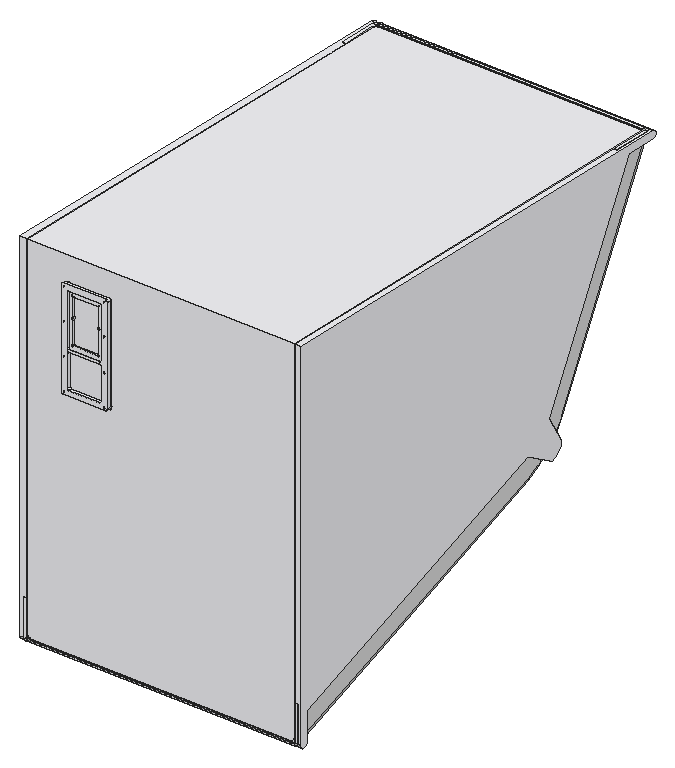
Revit family "EVC-1122-VI", category Communication Devices, Revit 2017 (continued)
Definition of nested family "InputPanel_small"
  Lines and regions (mm)
    model lines, not visible
      curve 412: line (54.658, -9.5, 83.833) -> (54.374, -9.5, 82.844)
      curve 413: line (54.374, -9.5, 82.844) -> (53.682, -9.5, 82.844)
      curve 414: line (53.682, -9.5, 82.844) -> (51.565, -9.5, 82.844)
      curve 415: line (51.565, -9.5, 82.844) -> (51.565, -9.5, 85.997)
      curve 416: line (54.498, -9.5, 70.232) -> (54.66, -9.5, 69.244)
      curve 417: line (54.66, -9.5, 69.244) -> (55.118, -9.5, 68.406)
      curve 418: line (55.118, -9.5, 68.406) -> (55.804, -9.5, 67.846)
      curve 419: line (55.804, -9.5, 67.846) -> (56.614, -9.5, 67.65)
      curve 420: line (56.614, -9.5, 67.65) -> (57.423, -9.5, 67.847)
      curve 421: line (57.423, -9.5, 67.847) -> (58.109, -9.5, 68.406)
      curve 422: line (58.109, -9.5, 68.406) -> (58.568, -9.5, 69.244)
      curve 423: line (58.568, -9.5, 69.244) -> (58.729, -9.5, 70.232)
      curve 424: line (58.729, -9.5, 70.232) -> (58.568, -9.5, 71.22)
      curve 425: line (58.568, -9.5, 71.22) -> (58.109, -9.5, 72.058)
      curve 426: line (58.109, -9.5, 72.058) -> (57.423, -9.5, 72.618)
      curve 427: line (57.423, -9.5, 72.618) -> (56.613, -9.5, 72.814)
      curve 428: line (56.613, -9.5, 72.814) -> (55.804, -9.5, 72.617)
      curve 429: line (55.804, -9.5, 72.617) -> (55.118, -9.5, 72.058)
      curve 430: line (55.118, -9.5, 72.058) -> (54.663, -9.5, 71.227)
      curve 431: line (54.659, -9.5, 71.22) -> (54.376, -9.5, 70.232)
      curve 432: line (54.376, -9.5, 70.232) -> (53.684, -9.5, 70.232)
      curve 433: line (53.684, -9.5, 70.232) -> (51.566, -9.5, 70.231)
      curve 434: line (51.566, -9.5, 70.231) -> (51.567, -9.5, 76.427)
      curve 435: line (57.428, -9.5, 60.773) -> (57.64, -9.5, 60.773)
      curve 436: line (57.64, -9.5, 60.773) -> (57.64, -9.5, 61.116)
      curve 437: line (57.561, -9.5, 61.254) -> (57.428, -9.5, 61.38)
      curve 438: line (57.428, -9.5, 61.38) -> (57.428, -9.5, 60.773)
      curve 439: line (57.428, -9.5, 60.773) -> (55.801, -9.5, 60.772)
      curve 440: line (55.801, -9.5, 60.772) -> (55.801, -9.5, 61.379)
      curve 441: line (55.8, -9.5, 67.687) -> (55.8, -9.5, 66.472)
      curve 442: line (55.8, -9.5, 73.992) -> (55.8, -9.5, 72.777)
      curve 443: line (55.799, -9.5, 80.299) -> (55.799, -9.5, 79.084)
      curve 444: line (57.425, -9.5, 85.998) -> (57.637, -9.5, 85.998)
      curve 445: line (57.637, -9.5, 85.998) -> (57.637, -9.5, 85.632)
      curve 446: line (57.558, -9.5, 85.516) -> (57.425, -9.5, 85.39)
      curve 447: line (57.425, -9.5, 85.39) -> (57.425, -9.5, 85.998)
      curve 448: line (57.425, -9.5, 85.998) -> (55.798, -9.5, 85.998)
      curve 449: line (55.798, -9.5, 85.998) -> (55.798, -9.5, 85.39)
      curve 450: line (57.638, -9.5, 80.036) -> (57.634, -9.5, 79.358)
      curve 451: line (57.559, -9.5, 79.211) -> (57.426, -9.5, 79.085)
      curve 452: line (57.426, -9.5, 79.085) -> (57.426, -9.5, 80.3)
      curve 453: line (57.426, -9.5, 80.3) -> (57.559, -9.5, 80.173)
      curve 454: line (57.427, -9.5, 73.992) -> (57.427, -9.5, 72.777)
      curve 455: line (57.427, -9.5, 72.777) -> (57.56, -9.5, 72.903)
      curve 456: line (57.638, -9.5, 73.019) -> (57.638, -9.5, 73.728)
      curve 457: line (57.56, -9.5, 73.866) -> (57.427, -9.5, 73.992)
      curve 458: line (57.639, -9.5, 67.423) -> (57.636, -9.5, 66.745)
      curve 459: line (57.561, -9.5, 66.598) -> (57.428, -9.5, 66.472)
      curve 460: line (57.428, -9.5, 66.472) -> (57.427, -9.5, 67.687)
      curve 461: line (57.427, -9.5, 67.687) -> (57.561, -9.5, 67.561)
      curve 462: line (52.991, -9.5, 73.096) -> (55.108, -9.5, 73.096)
      curve 463: line (55.108, -9.5, 73.096) -> (55.108, -9.5, 73.673)
      curve 464: line (55.108, -9.5, 73.673) -> (52.991, -9.5, 73.672)
      curve 465: line (52.991, -9.5, 73.672) -> (52.991, -9.5, 73.096)
      curve 466: line (52.99, -9.5, 79.403) -> (52.99, -9.5, 79.98)
      curve 467: line (52.99, -9.5, 79.98) -> (55.107, -9.5, 79.98)
      curve 468: line (55.107, -9.5, 79.98) -> (55.107, -9.5, 79.404)
      curve 469: line (55.107, -9.5, 79.404) -> (52.99, -9.5, 79.403)
      curve 470: line (52.991, -9.5, 66.791) -> (52.991, -9.5, 67.367)
      curve 471: line (52.991, -9.5, 67.367) -> (55.109, -9.5, 67.367)
      curve 472: line (55.109, -9.5, 67.367) -> (55.109, -9.5, 66.791)
      curve 473: line (55.109, -9.5, 66.791) -> (52.991, -9.5, 66.791)
      curve 474: line (55.107, -9.5, 85.998) -> (52.989, -9.5, 85.997)
      curve 475: line (52.989, -9.5, 85.997) -> (52.989, -9.5, 85.709)
      curve 476: line (52.989, -9.5, 85.709) -> (55.107, -9.5, 85.709)
      curve 477: line (55.107, -9.5, 85.709) -> (55.107, -9.5, 85.998)
      curve 478: line (55.107, -9.5, 85.998) -> (55.798, -9.5, 85.998)
      curve 479: line (55.801, -9.5, 60.772) -> (55.11, -9.5, 60.772)
      curve 480: line (55.11, -9.5, 60.772) -> (55.11, -9.5, 61.06)
      curve 481: line (55.11, -9.5, 61.06) -> (52.992, -9.5, 61.06)
      curve 482: line (52.992, -9.5, 61.06) -> (52.992, -9.5, 60.772)
      curve 483: line (52.992, -9.5, 60.772) -> (55.11, -9.5, 60.772)
      curve 484: line (54.504, -9.5, 76.743) -> (56.298, -9.5, 74.554)
      curve 485: line (56.298, -9.5, 74.554) -> (55.807, -9.5, 74.222)
      curve 486: line (54.503, -9.5, 83.049) -> (56.297, -9.5, 80.86)
      curve 487: line (56.297, -9.5, 80.86) -> (55.806, -9.5, 80.528)
      curve 488: line (54.531, -9.5, 76.998) -> (56.131, -9.5, 75.046)
      curve 489: line (56.131, -9.5, 75.046) -> (56.7, -9.5, 75.046)
      curve 490: line (56.7, -9.5, 75.046) -> (54.662, -9.5, 77.533)
      curve 491: line (54.531, -9.5, 83.304) -> (56.13, -9.5, 81.352)
      curve 492: line (56.13, -9.5, 81.352) -> (56.699, -9.5, 81.352)
      curve 493: line (56.699, -9.5, 81.352) -> (54.661, -9.5, 83.839)
      curve 494: line (54.505, -9.5, 70.437) -> (56.298, -9.5, 68.248)
      curve 495: line (56.298, -9.5, 68.248) -> (55.807, -9.5, 67.915)
      curve 496: line (54.506, -9.5, 64.13) -> (56.299, -9.5, 61.942)
      curve 497: line (56.299, -9.5, 61.942) -> (55.808, -9.5, 61.609)
      curve 498: line (54.533, -9.5, 64.385) -> (56.132, -9.5, 62.433)
      curve 499: line (56.132, -9.5, 62.433) -> (56.702, -9.5, 62.433)
      curve 500: line (56.702, -9.5, 62.433) -> (54.664, -9.5, 64.92)
      curve 501: line (54.532, -9.5, 70.691) -> (56.131, -9.5, 68.739)
      curve 502: line (56.131, -9.5, 68.739) -> (56.701, -9.5, 68.739)
      curve 503: line (56.701, -9.5, 68.739) -> (54.663, -9.5, 71.227)
      curve 504: line (51.568, -9.5, 63.815) -> (51.568, -9.5, 60.772)
      curve 505: line (51.568, -9.5, 60.772) -> (46.145, -9.5, 60.771)
      curve 506: line (46.145, -9.5, 60.771) -> (46.141, -9.5, 85.996)
      curve 507: line (46.141, -9.5, 85.996) -> (51.565, -9.5, 85.997)
      curve 508: line (51.565, -9.5, 85.997) -> (52.989, -9.5, 85.997)
      curve 509: line (52.989, -9.5, 85.997) -> (49.876, -9.5, 86.125)
      curve 510: line (49.876, -9.5, 86.125) -> (49.754, -9.5, 86.302)
      curve 511: line (52.992, -9.5, 60.772) -> (51.568, -9.5, 60.772)
      curve 512: line (45.361, -9.5, 79.392) -> (45.362, -9.5, 73.88)
      curve 513: line (45.362, -9.5, 73.88) -> (41.147, -9.5, 73.88)
      curve 514: line (41.147, -9.5, 73.88) -> (41.146, -9.5, 79.392)
      curve 515: line (41.146, -9.5, 79.392) -> (45.361, -9.5, 79.392)
      curve 516: line (41.146, -9.5, 79.988) -> (41.145, -9.5, 85.499)
      curve 517: line (41.145, -9.5, 85.499) -> (45.36, -9.5, 85.5)
      curve 518: line (45.36, -9.5, 85.5) -> (45.361, -9.5, 79.988)
      curve 519: line (45.361, -9.5, 79.988) -> (41.146, -9.5, 79.988)
      curve 520: line (45.819, -9.5, 60.771) -> (45.816, -9.5, 85.996)
      curve 521: line (45.816, -9.5, 85.996) -> (40.689, -9.5, 85.996)
      curve 522: line (40.689, -9.5, 85.996) -> (40.692, -9.5, 60.771)
      curve 523: line (40.692, -9.5, 60.771) -> (45.819, -9.5, 60.771)
      curve 524: line (45.819, -9.5, 60.771) -> (46.145, -9.5, 60.771)
      curve 525: line (45.363, -9.5, 66.78) -> (45.363, -9.5, 61.268)
      curve 526: line (45.363, -9.5, 61.268) -> (41.148, -9.5, 61.267)
      curve 527: line (41.148, -9.5, 61.267) -> (41.147, -9.5, 66.779)
      curve 528: line (41.147, -9.5, 66.779) -> (45.363, -9.5, 66.78)
      curve 529: line (41.147, -9.5, 67.375) -> (41.147, -9.5, 72.887)
      curve 530: line (41.147, -9.5, 72.887) -> (45.362, -9.5, 72.887)
      curve 531: line (45.362, -9.5, 72.887) -> (45.363, -9.5, 67.375)
      curve 532: line (45.363, -9.5, 67.375) -> (41.147, -9.5, 67.375)
      curve 533: line (45.816, -9.5, 85.996) -> (46.141, -9.5, 85.996)
      curve 534: line (46.141, -9.5, 85.996) -> (42.88, -9.5, 86.124)
      curve 535: line (42.88, -9.5, 86.124) -> (42.758, -9.5, 86.301)
      curve 536: line (42.758, -9.5, 86.301) -> (45.891, -9.5, 86.301)
      curve 537: line (45.891, -9.5, 86.301) -> (46.013, -9.5, 86.124)
      curve 538: line (45.361, -9.5, 78.225) -> (43.953, -9.5, 78.225)
      curve 539: line (43.953, -9.5, 78.225) -> (43.627, -9.5, 78.913)
      curve 540: line (43.627, -9.5, 78.913) -> (43.242, -9.5, 79.392)
      curve 541: line (45.363, -9.5, 65.613) -> (43.954, -9.5, 65.612)
      curve 542: line (43.954, -9.5, 65.612) -> (43.629, -9.5, 66.3)
      curve 543: line (43.629, -9.5, 66.3) -> (43.244, -9.5, 66.779)
      curve 544: line (45.362, -9.5, 68.542) -> (43.954, -9.5, 68.542)
      curve 545: line (43.954, -9.5, 68.542) -> (43.629, -9.5, 67.854)
      curve 546: line (43.629, -9.5, 67.854) -> (43.244, -9.5, 67.375)
      curve 547: line (45.361, -9.5, 81.155) -> (43.952, -9.5, 81.155)
      curve 548: line (43.952, -9.5, 81.155) -> (43.627, -9.5, 80.467)
      curve 549: line (43.627, -9.5, 80.467) -> (43.242, -9.5, 79.988)
      curve 550: line (45.362, -9.5, 71.919) -> (43.954, -9.5, 71.919)
      curve 551: line (43.954, -9.5, 71.919) -> (43.628, -9.5, 72.607)
      curve 552: line (43.628, -9.5, 72.607) -> (43.403, -9.5, 72.887)
      curve 553: line (45.361, -9.5, 84.532) -> (43.952, -9.5, 84.531)
      curve 554: line (43.952, -9.5, 84.531) -> (43.627, -9.5, 85.219)
      curve 555: line (43.627, -9.5, 85.219) -> (43.401, -9.5, 85.5)
      curve 556: line (45.362, -9.5, 74.849) -> (43.953, -9.5, 74.848)
      curve 557: line (43.953, -9.5, 74.848) -> (43.628, -9.5, 74.16)
      curve 558: line (43.403, -9.5, 73.88) -> (43.628, -9.5, 74.16)
      curve 559: line (43.628, -9.5, 74.16) -> (43.627, -9.5, 78.913)
      curve 560: line (45.363, -9.5, 62.236) -> (43.955, -9.5, 62.236)
      curve 561: line (43.955, -9.5, 62.236) -> (43.629, -9.5, 61.548)
      curve 562: line (43.629, -9.5, 61.548) -> (43.629, -9.5, 66.3)
      curve 563: line (43.404, -9.5, 61.267) -> (43.629, -9.5, 61.548)
      curve 564: line (43.954, -9.5, 68.542) -> (43.954, -9.5, 71.919)
      curve 565: line (43.952, -9.5, 81.155) -> (43.952, -9.5, 84.531)
      curve 566: line (43.954, -9.5, 65.612) -> (43.955, -9.5, 62.236)
      curve 567: line (43.953, -9.5, 78.225) -> (43.953, -9.5, 74.848)
      curve 568: line (45.891, -9.5, 86.301) -> (45.891, -9.5, 86.563)
      curve 569: line (45.891, -9.5, 86.563) -> (42.758, -9.5, 86.562)
      curve 570: line (42.758, -9.5, 86.562) -> (42.758, -9.5, 86.301)
      curve 571: line (45.891, -9.5, 86.563) -> (46.472, -9.5, 86.563)
      curve 572: line (46.472, -9.5, 86.563) -> (46.472, -9.5, 86.301)
      curve 573: line (46.472, -9.5, 86.301) -> (46.35, -9.5, 86.124)
      curve 574: line (42.244, -9.5, 79.988) -> (42.243, -9.5, 85.499)
      curve 575: line (42.246, -9.5, 67.375) -> (42.245, -9.5, 72.887)
      curve 576: line (42.246, -9.5, 61.267) -> (42.246, -9.5, 66.779)
      curve 577: line (42.245, -9.5, 73.88) -> (42.244, -9.5, 79.392)
      curve 578: line (43.629, -9.5, 67.854) -> (43.628, -9.5, 72.607)
      curve 579: line (43.627, -9.5, 80.467) -> (43.627, -9.5, 85.219)
      curve 580: line (52.887, -9.5, 86.302) -> (53.009, -9.5, 86.125)
      curve 581: line (52.887, -9.5, 86.563) -> (52.887, -9.5, 86.302)
      curve 582: line (52.887, -9.5, 86.302) -> (49.754, -9.5, 86.302)
      curve 583: line (49.754, -9.5, 86.302) -> (49.754, -9.5, 86.563)
      curve 584: line (49.754, -9.5, 86.563) -> (52.887, -9.5, 86.563)
      curve 585: line (52.887, -9.5, 86.563) -> (53.468, -9.5, 86.563)
      curve 586: line (53.468, -9.5, 86.563) -> (53.468, -9.5, 86.302)
      curve 587: line (53.468, -9.5, 86.302) -> (53.346, -9.5, 86.125)
      curve 588: line (78.97, -9.5, 60.972) -> (78.967, -9.5, 85.803)
      curve 589: line (78.912, -9.5, 85.748) -> (78.915, -9.5, 61.027)
      curve 590: line (77.958, -9.5, 86.812) -> (40.515, -9.5, 86.808)
      curve 591: line (40.57, -9.5, 86.753) -> (77.903, -9.5, 86.757)
      curve 592: line (39.506, -9.5, 85.799) -> (39.509, -9.5, 60.968)
      curve 593: line (39.509, -9.5, 60.97) -> (39.561, -9.5, 85.744)
      curve 594: line (40.518, -9.5, 59.959) -> (77.962, -9.5, 59.963)
      curve 595: line (77.907, -9.5, 60.018) -> (40.573, -9.5, 60.014)
      curve 596: line (61.368, -9.5, 70.233) -> (59.749, -9.5, 70.232)
      curve 597: line (59.749, -9.5, 70.232) -> (59.415, -9.5, 70.232)
      curve 598: line (61.369, -9.5, 63.926) -> (59.75, -9.5, 63.926)
      curve 599: line (59.75, -9.5, 63.926) -> (59.417, -9.5, 63.926)
      curve 600: line (61.367, -9.5, 76.539) -> (59.748, -9.5, 76.539)
      curve 601: line (59.748, -9.5, 76.539) -> (59.415, -9.5, 76.539)
      curve 602: line (61.367, -9.5, 82.845) -> (59.747, -9.5, 82.845)
      curve 603: line (59.747, -9.5, 82.845) -> (59.414, -9.5, 82.845)
      curve 604: line (57.109, -9.5, 76.538) -> (58.728, -9.5, 76.539)
      curve 605: line (58.728, -9.5, 76.539) -> (59.062, -9.5, 76.539)
      curve 606: line (57.108, -9.5, 82.845) -> (58.727, -9.5, 82.845)
      curve 607: line (58.727, -9.5, 82.845) -> (59.06, -9.5, 82.845)
      curve 608: line (57.109, -9.5, 70.232) -> (58.729, -9.5, 70.232)
      curve 609: line (58.729, -9.5, 70.232) -> (59.062, -9.5, 70.232)
      curve 610: line (57.11, -9.5, 63.926) -> (58.729, -9.5, 63.926)
      curve 611: line (58.729, -9.5, 63.926) -> (59.063, -9.5, 63.926)
    model lines
      curve 612: arc (-30.696, -4.337, 30.291) -> (-31.037, -4.337, 28.695) -> (-32.139, -4.337, 27.491) r 3.109
      curve 613: arc (-30.695, -4.337, 42.904) -> (-31.035, -4.337, 41.308) -> (-32.138, -4.337, 40.104) r 3.109
      curve 614: arc (-30.698, -4.337, 23.985) -> (-31.033, -4.337, 22.399) -> (-32.121, -4.337, 21.198) r 3.108
      curve 615: arc (-30.696, -4.337, 36.598) -> (-31.031, -4.337, 35.012) -> (-32.119, -4.337, 33.811) r 3.108
      curve 616: arc (-31.992, -4.337, 33.004) -> (-31.001, -4.337, 31.812) -> (-30.695, -4.337, 30.291) r 3.166
      curve 617: arc (-31.991, -4.337, 45.616) -> (-30.999, -4.337, 44.424) -> (-30.693, -4.337, 42.904) r 3.166
      curve 618: arc (-31.993, -4.337, 26.696) -> (-31.002, -4.337, 25.504) -> (-30.696, -4.337, 23.985) r 3.165
      curve 619: arc (-31.991, -4.337, 39.309) -> (-31.001, -4.337, 38.117) -> (-30.695, -4.337, 36.598) r 3.165
      curve 620: arc (-30.343, -4.337, 36.598) -> (-30.002, -4.337, 38.194) -> (-28.9, -4.337, 39.398) r 3.109
      curve 621: arc (-30.344, -4.337, 23.985) -> (-30.004, -4.337, 25.581) -> (-28.901, -4.337, 26.785) r 3.109
      curve 622: arc (-30.341, -4.337, 42.904) -> (-30.006, -4.337, 44.49) -> (-28.918, -4.337, 45.691) r 3.108
      curve 623: arc (-30.343, -4.337, 30.291) -> (-30.007, -4.337, 31.877) -> (-28.92, -4.337, 33.078) r 3.108
      curve 624: arc (-29.046, -4.337, 33.885) -> (-30.038, -4.337, 35.077) -> (-30.344, -4.337, 36.598) r 3.166
      curve 625: arc (-29.048, -4.337, 21.273) -> (-30.039, -4.337, 22.465) -> (-30.346, -4.337, 23.985) r 3.166
      curve 626: arc (-29.046, -4.337, 40.193) -> (-30.037, -4.337, 41.385) -> (-30.343, -4.337, 42.904) r 3.165
      curve 627: arc (-29.048, -4.337, 27.58) -> (-30.038, -4.337, 28.772) -> (-30.344, -4.337, 30.291) r 3.165
      curve 628: arc (-33.959, -4.337, 27.746) -> (-35.033, -4.337, 28.816) -> (-35.384, -4.337, 30.292) r 2.775
      curve 629: arc (-34.651, -4.337, 27.426) -> (-35.725, -4.337, 28.679) -> (-36.075, -4.337, 30.292) r 3.371
      curve 630: arc (-33.959, -4.337, 27.746) -> (-34.28, -4.337, 27.533) -> (-34.651, -4.337, 27.426) r 1.273
      curve 631: arc (-33.957, -4.337, 40.358) -> (-35.031, -4.337, 41.429) -> (-35.382, -4.337, 42.905) r 2.775
      curve 632: arc (-34.649, -4.337, 40.039) -> (-35.723, -4.337, 41.292) -> (-36.074, -4.337, 42.905) r 3.371
      curve 633: arc (-33.957, -4.337, 40.358) -> (-34.279, -4.337, 40.146) -> (-34.649, -4.337, 40.039) r 1.273
      curve 634: arc (-33.96, -4.337, 21.44) -> (-35.033, -4.337, 22.511) -> (-35.384, -4.337, 23.986) r 2.774
      curve 635: arc (-34.651, -4.337, 21.121) -> (-35.725, -4.337, 22.374) -> (-36.075, -4.337, 23.986) r 3.37
      curve 636: arc (-33.96, -4.337, 21.44) -> (-34.281, -4.337, 21.228) -> (-34.651, -4.337, 21.121) r 1.273
      curve 637: arc (-33.958, -4.337, 34.053) -> (-35.032, -4.337, 35.123) -> (-35.382, -4.337, 36.598) r 2.774
      curve 638: arc (-34.65, -4.337, 33.734) -> (-35.723, -4.337, 34.986) -> (-36.074, -4.337, 36.598) r 3.37
      curve 639: arc (-33.958, -4.337, 34.053) -> (-34.28, -4.337, 33.84) -> (-34.65, -4.337, 33.734) r 1.273
      curve 640: arc (-35.384, -4.337, 30.292) -> (-35.033, -4.337, 31.767) -> (-33.958, -4.337, 32.838) r 2.775
      curve 641: arc (-34.65, -4.337, 33.157) -> (-34.28, -4.337, 33.051) -> (-33.958, -4.337, 32.838) r 1.273
      curve 642: arc (-36.075, -4.337, 30.292) -> (-35.724, -4.337, 31.905) -> (-34.65, -4.337, 33.157) r 3.371
      curve 643: arc (-35.382, -4.337, 42.905) -> (-35.031, -4.337, 44.38) -> (-33.957, -4.337, 45.451) r 2.775
      curve 644: arc (-34.648, -4.337, 45.77) -> (-34.278, -4.337, 45.663) -> (-33.957, -4.337, 45.451) r 1.273
      curve 645: arc (-36.074, -4.337, 42.905) -> (-35.723, -4.337, 44.517) -> (-34.648, -4.337, 45.77) r 3.371
      curve 646: arc (-35.384, -4.337, 23.986) -> (-35.033, -4.337, 25.461) -> (-33.959, -4.337, 26.531) r 2.774
      curve 647: arc (-34.651, -4.337, 26.85) -> (-34.28, -4.337, 26.743) -> (-33.959, -4.337, 26.531) r 1.273
      curve 648: arc (-36.075, -4.337, 23.986) -> (-35.725, -4.337, 25.598) -> (-34.651, -4.337, 26.85) r 3.37
      curve 649: arc (-35.382, -4.337, 36.598) -> (-35.031, -4.337, 38.073) -> (-33.958, -4.337, 39.143) r 2.774
      curve 650: arc (-34.649, -4.337, 39.463) -> (-34.279, -4.337, 39.356) -> (-33.958, -4.337, 39.143) r 1.273
      curve 651: arc (-36.074, -4.337, 36.598) -> (-35.723, -4.337, 38.21) -> (-34.649, -4.337, 39.463) r 3.37
      curve 652: arc (-30.908, -4.337, 23.985) -> (-31.259, -4.337, 22.51) -> (-32.333, -4.337, 21.44) r 2.774
      curve 653: arc (-32.332, -4.337, 26.53) -> (-31.258, -4.337, 25.46) -> (-30.908, -4.337, 23.985) r 2.774
      curve 654: arc (-30.906, -4.337, 30.291) -> (-31.258, -4.337, 28.816) -> (-32.332, -4.337, 27.745) r 2.775
      curve 655: arc (-32.331, -4.337, 32.838) -> (-31.257, -4.337, 31.767) -> (-30.906, -4.337, 30.291) r 2.775
      curve 656: arc (-30.906, -4.337, 36.598) -> (-31.257, -4.337, 35.123) -> (-32.331, -4.337, 34.053) r 2.774
      curve 657: arc (-32.33, -4.337, 39.143) -> (-31.257, -4.337, 38.073) -> (-30.906, -4.337, 36.598) r 2.774
      curve 658: arc (-30.905, -4.337, 42.904) -> (-31.256, -4.337, 41.429) -> (-32.33, -4.337, 40.358) r 2.775
      curve 659: arc (-32.33, -4.337, 45.45) -> (-31.256, -4.337, 44.38) -> (-30.905, -4.337, 42.904) r 2.775
      curve 660: arc (-36.768, -4.337, 27.427) -> (-37.818, -4.337, 28.63) -> (-38.191, -4.337, 30.182) r 3.348
      curve 661: arc (-36.766, -4.337, 40.039) -> (-37.816, -4.337, 41.242) -> (-38.19, -4.337, 42.794) r 3.348
      curve 662: arc (-38.191, -4.337, 30.403) -> (-37.817, -4.337, 31.955) -> (-36.767, -4.337, 33.158) r 3.348
      curve 663: arc (-38.19, -4.337, 43.015) -> (-37.816, -4.337, 44.568) -> (-36.766, -4.337, 45.77) r 3.348
      curve 664: arc (-36.769, -4.337, 21.121) -> (-37.825, -4.337, 22.337) -> (-38.192, -4.337, 23.905) r 3.353
      curve 665: arc (-36.767, -4.337, 33.734) -> (-37.823, -4.337, 34.95) -> (-38.191, -4.337, 36.517) r 3.353
      curve 666: arc (-38.192, -4.337, 24.067) -> (-37.824, -4.337, 25.635) -> (-36.768, -4.337, 26.85) r 3.353
      curve 667: arc (-38.191, -4.337, 36.68) -> (-37.823, -4.337, 38.248) -> (-36.767, -4.337, 39.463) r 3.353
      curve 668: arc (-32.649, -4.337, 30.292) -> (-32.982, -4.337, 28.919) -> (-34.009, -4.337, 27.951) r 2.482
      curve 669: arc (-32.65, -4.337, 23.985) -> (-32.983, -4.337, 22.613) -> (-34.01, -4.337, 21.644) r 2.482
      curve 670: arc (-33.058, -4.337, 25.478) -> (-32.751, -4.337, 24.76) -> (-32.65, -4.337, 23.985) r 2.857
      curve 671: arc (-33.734, -4.337, 25.636) -> (-33.68, -4.337, 25.558) -> (-33.628, -4.337, 25.478) r 2.446
      curve 672: arc (-33.058, -4.337, 31.784) -> (-32.75, -4.337, 31.066) -> (-32.649, -4.337, 30.292) r 2.857
      curve 673: arc (-33.733, -4.337, 31.942) -> (-33.679, -4.337, 31.864) -> (-33.627, -4.337, 31.784) r 2.446
      curve 674: arc (-32.649, -4.337, 36.598) -> (-32.981, -4.337, 35.226) -> (-34.008, -4.337, 34.257) r 2.482
      curve 675: arc (-32.648, -4.337, 42.904) -> (-32.98, -4.337, 41.532) -> (-34.008, -4.337, 40.563) r 2.482
      curve 676: arc (-33.057, -4.337, 38.091) -> (-32.75, -4.337, 37.372) -> (-32.649, -4.337, 36.598) r 2.857
      curve 677: arc (-33.733, -4.337, 38.249) -> (-33.678, -4.337, 38.171) -> (-33.626, -4.337, 38.091) r 2.446
      curve 678: arc (-33.056, -4.337, 44.397) -> (-32.749, -4.337, 43.679) -> (-32.648, -4.337, 42.904) r 2.857
      curve 679: arc (-33.732, -4.337, 44.555) -> (-33.677, -4.337, 44.477) -> (-33.626, -4.337, 44.397) r 2.446
      curve 680: arc (-27.08, -4.337, 39.143) -> (-26.006, -4.337, 38.073) -> (-25.655, -4.337, 36.597) r 2.775
      curve 681: arc (-26.388, -4.337, 39.463) -> (-25.314, -4.337, 38.21) -> (-24.964, -4.337, 36.597) r 3.371
      curve 682: arc (-27.08, -4.337, 39.143) -> (-26.759, -4.337, 39.356) -> (-26.388, -4.337, 39.463) r 1.273
      curve 683: arc (-27.082, -4.337, 26.531) -> (-26.007, -4.337, 25.46) -> (-25.657, -4.337, 23.984) r 2.775
      curve 684: arc (-26.39, -4.337, 26.85) -> (-25.316, -4.337, 25.597) -> (-24.965, -4.337, 23.984) r 3.371
      curve 685: arc (-27.082, -4.337, 26.531) -> (-26.76, -4.337, 26.743) -> (-26.39, -4.337, 26.85) r 1.273
      curve 686: arc (-27.079, -4.337, 45.449) -> (-26.006, -4.337, 44.378) -> (-25.655, -4.337, 42.903) r 2.774
      curve 687: arc (-26.388, -4.337, 45.768) -> (-25.314, -4.337, 44.515) -> (-24.963, -4.337, 42.903) r 3.37
      curve 688: arc (-27.079, -4.337, 45.449) -> (-26.758, -4.337, 45.661) -> (-26.388, -4.337, 45.768) r 1.273
      curve 689: arc (-27.081, -4.337, 32.836) -> (-26.007, -4.337, 31.766) -> (-25.657, -4.337, 30.291) r 2.774
      curve 690: arc (-26.389, -4.337, 33.155) -> (-25.315, -4.337, 31.903) -> (-24.965, -4.337, 30.291) r 3.37
      curve 691: arc (-27.081, -4.337, 32.836) -> (-26.759, -4.337, 33.049) -> (-26.389, -4.337, 33.155) r 1.273
      curve 692: arc (-25.655, -4.337, 36.597) -> (-26.006, -4.337, 35.122) -> (-27.081, -4.337, 34.051) r 2.775
      curve 693: arc (-26.389, -4.337, 33.732) -> (-26.759, -4.337, 33.838) -> (-27.081, -4.337, 34.051) r 1.273
      curve 694: arc (-24.964, -4.337, 36.597) -> (-25.315, -4.337, 34.984) -> (-26.389, -4.337, 33.732) r 3.371
      curve 695: arc (-25.657, -4.337, 23.984) -> (-26.008, -4.337, 22.509) -> (-27.082, -4.337, 21.438) r 2.775
      curve 696: arc (-26.391, -4.337, 21.119) -> (-26.761, -4.337, 21.226) -> (-27.082, -4.337, 21.438) r 1.273
      curve 697: arc (-24.965, -4.337, 23.984) -> (-25.316, -4.337, 22.372) -> (-26.391, -4.337, 21.119) r 3.371
      curve 698: arc (-25.655, -4.337, 42.903) -> (-26.006, -4.337, 41.429) -> (-27.08, -4.337, 40.358) r 2.774
      curve 699: arc (-26.388, -4.337, 40.039) -> (-26.759, -4.337, 40.146) -> (-27.08, -4.337, 40.358) r 1.273
      curve 700: arc (-24.963, -4.337, 42.903) -> (-25.314, -4.337, 41.291) -> (-26.388, -4.337, 40.039) r 3.37
      curve 701: arc (-25.657, -4.337, 30.291) -> (-26.008, -4.337, 28.816) -> (-27.081, -4.337, 27.746) r 2.774
      curve 702: arc (-26.39, -4.337, 27.426) -> (-26.76, -4.337, 27.533) -> (-27.081, -4.337, 27.746) r 1.273
      curve 703: arc (-24.965, -4.337, 30.291) -> (-25.316, -4.337, 28.679) -> (-26.39, -4.337, 27.426) r 3.37
      curve 704: arc (-30.131, -4.337, 42.904) -> (-29.78, -4.337, 44.379) -> (-28.706, -4.337, 45.449) r 2.774
      curve 705: arc (-28.707, -4.337, 40.359) -> (-29.78, -4.337, 41.429) -> (-30.131, -4.337, 42.904) r 2.774
      curve 706: arc (-30.133, -4.337, 36.598) -> (-29.781, -4.337, 38.073) -> (-28.707, -4.337, 39.144) r 2.775
      curve 707: arc (-28.708, -4.337, 34.051) -> (-29.782, -4.337, 35.122) -> (-30.133, -4.337, 36.598) r 2.775
      curve 708: arc (-30.133, -4.337, 30.291) -> (-29.782, -4.337, 31.766) -> (-28.708, -4.337, 32.836) r 2.774
      curve 709: arc (-28.708, -4.337, 27.746) -> (-29.782, -4.337, 28.816) -> (-30.133, -4.337, 30.291) r 2.774
      curve 710: arc (-30.134, -4.337, 23.985) -> (-29.783, -4.337, 25.46) -> (-28.709, -4.337, 26.531) r 2.775
      curve 711: arc (-28.709, -4.337, 21.439) -> (-29.783, -4.337, 22.509) -> (-30.134, -4.337, 23.985) r 2.775
      curve 712: arc (-24.271, -4.337, 39.462) -> (-23.221, -4.337, 38.26) -> (-22.848, -4.337, 36.707) r 3.348
      curve 713: arc (-24.272, -4.337, 26.85) -> (-23.223, -4.337, 25.647) -> (-22.849, -4.337, 24.095) r 3.348
      curve 714: arc (-22.848, -4.337, 36.486) -> (-23.222, -4.337, 34.934) -> (-24.272, -4.337, 33.731) r 3.348
      curve 715: arc (-22.849, -4.337, 23.874) -> (-23.223, -4.337, 22.321) -> (-24.273, -4.337, 21.119) r 3.348
      curve 716: arc (-24.27, -4.337, 45.768) -> (-23.214, -4.337, 44.552) -> (-22.847, -4.337, 42.984) r 3.353
      curve 717: arc (-24.272, -4.337, 33.155) -> (-23.216, -4.337, 31.939) -> (-22.848, -4.337, 30.372) r 3.353
      curve 718: arc (-22.847, -4.337, 42.822) -> (-23.215, -4.337, 41.254) -> (-24.271, -4.337, 40.039) r 3.353
      curve 719: arc (-22.848, -4.337, 30.209) -> (-23.216, -4.337, 28.641) -> (-24.272, -4.337, 27.426) r 3.353
      curve 720: arc (-28.389, -4.337, 42.904) -> (-28.056, -4.337, 44.276) -> (-27.029, -4.337, 45.245) r 2.482
      curve 721: arc (-28.39, -4.337, 36.597) -> (-28.057, -4.337, 37.97) -> (-27.03, -4.337, 38.938) r 2.482
      curve 722: arc (-27.981, -4.337, 35.105) -> (-28.288, -4.337, 35.823) -> (-28.39, -4.337, 36.597) r 2.857
      curve 723: arc (-27.306, -4.337, 34.947) -> (-27.36, -4.337, 35.025) -> (-27.412, -4.337, 35.105) r 2.446
      curve 724: arc (-27.981, -4.337, 41.411) -> (-28.288, -4.337, 42.129) -> (-28.389, -4.337, 42.904) r 2.857
      curve 725: arc (-27.305, -4.337, 41.253) -> (-27.359, -4.337, 41.331) -> (-27.411, -4.337, 41.411) r 2.446
      curve 726: arc (-28.39, -4.337, 30.291) -> (-28.058, -4.337, 31.663) -> (-27.031, -4.337, 32.632) r 2.482
      curve 727: arc (-28.391, -4.337, 23.985) -> (-28.058, -4.337, 25.357) -> (-27.031, -4.337, 26.326) r 2.482
      curve 728: arc (-27.983, -4.337, 22.492) -> (-28.29, -4.337, 23.21) -> (-28.391, -4.337, 23.985) r 2.857
      curve 729: arc (-27.307, -4.337, 22.334) -> (-27.362, -4.337, 22.412) -> (-27.413, -4.337, 22.492) r 2.446
      curve 730: arc (-27.982, -4.337, 28.799) -> (-28.289, -4.337, 29.517) -> (-28.39, -4.337, 30.291) r 2.857
      curve 731: arc (-27.306, -4.337, 28.64) -> (-27.361, -4.337, 28.718) -> (-27.412, -4.337, 28.798) r 2.446
      curve 732: spline (-49.243, -4.337, 20.022) -> (-49.374, -4.337, 20.031) -> (-49.504, -4.337, 20.057) -> (-49.629, -4.337, 20.099) -> (-49.747, -4.337, 20.158) -> (-49.857, -4.337, 20.231) -> (-49.956, -4.337, 20.318) -> (-50.043, -4.337, 20.417) -> (-50.116, -4.337, 20.527) -> (-50.175, -4.337, 20.645) -> (-50.217, -4.337, 20.77) -> (-50.243, -4.337, 20.9) -> (-50.251, -4.337, 21.031)
      curve 733: spline (-50.248, -4.337, 45.862) -> (-50.24, -4.337, 45.994) -> (-50.214, -4.337, 46.124) -> (-50.172, -4.337, 46.249) -> (-50.113, -4.337, 46.367) -> (-50.04, -4.337, 46.477) -> (-49.953, -4.337, 46.576) -> (-49.854, -4.337, 46.663) -> (-49.744, -4.337, 46.736) -> (-49.626, -4.337, 46.794) -> (-49.501, -4.337, 46.837) -> (-49.371, -4.337, 46.863) -> (-49.239, -4.337, 46.871)
      curve 734: spline (-11.796, -4.337, 46.867) -> (-11.664, -4.337, 46.858) -> (-11.535, -4.337, 46.832) -> (-11.41, -4.337, 46.79) -> (-11.291, -4.337, 46.731) -> (-11.182, -4.337, 46.658) -> (-11.082, -4.337, 46.571) -> (-10.995, -4.337, 46.472) -> (-10.922, -4.337, 46.362) -> (-10.864, -4.337, 46.244) -> (-10.821, -4.337, 46.119) -> (-10.796, -4.337, 45.989) -> (-10.787, -4.337, 45.858)
      curve 735: spline (-10.79, -4.337, 21.029) -> (-10.798, -4.337, 20.897) -> (-10.824, -4.337, 20.767) -> (-10.866, -4.337, 20.642) -> (-10.925, -4.337, 20.523) -> (-10.998, -4.337, 20.413) -> (-11.085, -4.337, 20.314) -> (-11.184, -4.337, 20.227) -> (-11.294, -4.337, 20.153) -> (-11.412, -4.337, 20.095) -> (-11.538, -4.337, 20.052) -> (-11.667, -4.337, 20.026) -> (-11.799, -4.337, 20.018)
      curve 736: spline (-11.851, -4.337, 46.812) -> (-11.719, -4.337, 46.803) -> (-11.59, -4.337, 46.777) -> (-11.465, -4.337, 46.735) -> (-11.346, -4.337, 46.676) -> (-11.237, -4.337, 46.603) -> (-11.137, -4.337, 46.516) -> (-11.05, -4.337, 46.417) -> (-10.977, -4.337, 46.307) -> (-10.919, -4.337, 46.189) -> (-10.876, -4.337, 46.064) -> (-10.851, -4.337, 45.934) -> (-10.842, -4.337, 45.803)
      curve 737: spline (-10.845, -4.337, 21.082) -> (-10.854, -4.337, 20.95) -> (-10.879, -4.337, 20.82) -> (-10.922, -4.337, 20.696) -> (-10.98, -4.337, 20.577) -> (-11.054, -4.337, 20.467) -> (-11.141, -4.337, 20.368) -> (-11.24, -4.337, 20.281) -> (-11.35, -4.337, 20.208) -> (-11.468, -4.337, 20.15) -> (-11.593, -4.337, 20.107) -> (-11.722, -4.337, 20.081) -> (-11.854, -4.337, 20.073)
      curve 738: spline (-50.193, -4.337, 45.807) -> (-50.185, -4.337, 45.939) -> (-50.159, -4.337, 46.069) -> (-50.117, -4.337, 46.194) -> (-50.058, -4.337, 46.312) -> (-49.985, -4.337, 46.422) -> (-49.898, -4.337, 46.521) -> (-49.799, -4.337, 46.608) -> (-49.689, -4.337, 46.681) -> (-49.571, -4.337, 46.739) -> (-49.446, -4.337, 46.782) -> (-49.316, -4.337, 46.808) -> (-49.184, -4.337, 46.816)
      curve 739: spline (-49.188, -4.337, 20.077) -> (-49.319, -4.337, 20.086) -> (-49.449, -4.337, 20.112) -> (-49.574, -4.337, 20.154) -> (-49.692, -4.337, 20.213) -> (-49.802, -4.337, 20.286) -> (-49.901, -4.337, 20.373) -> (-49.988, -4.337, 20.472) -> (-50.061, -4.337, 20.582) -> (-50.12, -4.337, 20.7) -> (-50.162, -4.337, 20.825) -> (-50.188, -4.337, 20.955) -> (-50.196, -4.337, 21.086)
      curve 740: line (-35.26, -4.337, 30.292) -> (-35.099, -4.337, 31.28)
      curve 741: line (-35.099, -4.337, 31.28) -> (-34.641, -4.337, 32.118)
      curve 742: line (-34.641, -4.337, 32.118) -> (-33.954, -4.337, 32.677)
      curve 743: line (-33.954, -4.337, 32.677) -> (-33.145, -4.337, 32.874)
      curve 744: line (-33.145, -4.337, 32.874) -> (-32.335, -4.337, 32.677)
      curve 745: line (-32.335, -4.337, 32.677) -> (-31.649, -4.337, 32.117)
      curve 746: line (-31.649, -4.337, 32.117) -> (-31.191, -4.337, 31.28)
      curve 747: line (-31.191, -4.337, 31.28) -> (-31.03, -4.337, 30.291)
      curve 748: line (-31.03, -4.337, 30.291) -> (-31.191, -4.337, 29.303)
      curve 749: line (-31.191, -4.337, 29.303) -> (-31.65, -4.337, 28.466)
      curve 750: line (-31.65, -4.337, 28.466) -> (-32.336, -4.337, 27.906)
      curve 751: line (-32.336, -4.337, 27.906) -> (-33.145, -4.337, 27.71)
      curve 752: line (-33.145, -4.337, 27.71) -> (-33.955, -4.337, 27.906)
      curve 753: line (-33.955, -4.337, 27.906) -> (-34.641, -4.337, 28.466)
      curve 754: line (-34.641, -4.337, 28.466) -> (-35.096, -4.337, 29.297)
      curve 755: line (-35.099, -4.337, 29.304) -> (-35.384, -4.337, 30.292)
      curve 756: line (-35.384, -4.337, 30.292) -> (-36.075, -4.337, 30.292)
      curve 757: line (-36.075, -4.337, 30.292) -> (-38.193, -4.337, 30.292)
      curve 758: line (-38.193, -4.337, 30.292) -> (-38.192, -4.337, 24.067)
      curve 759: line (-35.259, -4.337, 42.905) -> (-35.098, -4.337, 43.893)
      curve 760: line (-35.098, -4.337, 43.893) -> (-34.639, -4.337, 44.73)
      curve 761: line (-34.639, -4.337, 44.73) -> (-33.953, -4.337, 45.29)
      curve 762: line (-33.953, -4.337, 45.29) -> (-33.143, -4.337, 45.486)
      curve 763: line (-33.143, -4.337, 45.486) -> (-32.334, -4.337, 45.29)
      curve 764: line (-32.334, -4.337, 45.29) -> (-31.648, -4.337, 44.73)
      curve 765: line (-31.648, -4.337, 44.73) -> (-31.189, -4.337, 43.892)
      curve 766: line (-31.189, -4.337, 43.892) -> (-31.028, -4.337, 42.904)
      curve 767: line (-31.028, -4.337, 42.904) -> (-31.19, -4.337, 41.916)
      curve 768: line (-31.19, -4.337, 41.916) -> (-31.648, -4.337, 41.078)
      curve 769: line (-31.648, -4.337, 41.078) -> (-32.334, -4.337, 40.519)
      curve 770: line (-32.334, -4.337, 40.519) -> (-33.144, -4.337, 40.322)
      curve 771: line (-33.144, -4.337, 40.322) -> (-33.953, -4.337, 40.519)
      curve 772: line (-33.953, -4.337, 40.519) -> (-34.639, -4.337, 41.079)
      curve 773: line (-34.639, -4.337, 41.079) -> (-35.094, -4.337, 41.91)
      curve 774: line (-35.098, -4.337, 41.916) -> (-35.382, -4.337, 42.905)
      curve 775: line (-35.382, -4.337, 42.905) -> (-36.074, -4.337, 42.905)
      curve 776: line (-36.074, -4.337, 42.905) -> (-38.191, -4.337, 42.905)
      curve 777: line (-38.191, -4.337, 42.905) -> (-38.191, -4.337, 36.68)
      curve 778: line (-35.261, -4.337, 23.986) -> (-35.1, -4.337, 24.974)
      curve 779: line (-35.1, -4.337, 24.974) -> (-34.641, -4.337, 25.811)
      curve 780: line (-34.641, -4.337, 25.811) -> (-33.955, -4.337, 26.371)
      curve 781: line (-33.955, -4.337, 26.371) -> (-33.146, -4.337, 26.567)
      curve 782: line (-33.146, -4.337, 26.567) -> (-32.336, -4.337, 26.371)
      curve 783: line (-32.336, -4.337, 26.371) -> (-31.65, -4.337, 25.811)
      curve 784: line (-31.65, -4.337, 25.811) -> (-31.192, -4.337, 24.973)
      curve 785: line (-31.192, -4.337, 24.973) -> (-31.031, -4.337, 23.985)
      curve 786: line (-31.031, -4.337, 23.985) -> (-31.192, -4.337, 22.997)
      curve 787: line (-31.192, -4.337, 22.997) -> (-31.65, -4.337, 22.159)
      curve 788: line (-31.65, -4.337, 22.159) -> (-32.337, -4.337, 21.6)
      curve 789: line (-32.337, -4.337, 21.6) -> (-33.146, -4.337, 21.403)
      curve 790: line (-33.146, -4.337, 21.403) -> (-33.956, -4.337, 21.6)
      curve 791: line (-33.956, -4.337, 21.6) -> (-34.642, -4.337, 22.16)
      curve 792: line (-34.642, -4.337, 22.16) -> (-35.096, -4.337, 22.991)
      curve 793: line (-35.1, -4.337, 22.997) -> (-35.384, -4.337, 23.986)
      curve 794: line (-35.384, -4.337, 23.986) -> (-36.075, -4.337, 23.986)
      curve 795: line (-36.075, -4.337, 23.986) -> (-38.193, -4.337, 23.986)
      curve 796: line (-38.193, -4.337, 23.986) -> (-38.192, -4.337, 20.833)
      curve 797: line (-38.192, -4.337, 20.833) -> (-36.769, -4.337, 20.833)
      curve 798: line (-36.769, -4.337, 20.833) -> (-39.881, -4.337, 20.705)
      curve 799: line (-39.881, -4.337, 20.705) -> (-40.003, -4.337, 20.528)
      curve 800: line (-40.003, -4.337, 20.528) -> (-36.871, -4.337, 20.528)
      curve 801: line (-36.871, -4.337, 20.528) -> (-36.749, -4.337, 20.705)
      curve 802: line (-35.259, -4.337, 36.598) -> (-35.098, -4.337, 37.586)
      curve 803: line (-35.098, -4.337, 37.586) -> (-34.64, -4.337, 38.424)
      curve 804: line (-34.64, -4.337, 38.424) -> (-33.953, -4.337, 38.984)
      curve 805: line (-33.953, -4.337, 38.984) -> (-33.144, -4.337, 39.18)
      curve 806: line (-33.144, -4.337, 39.18) -> (-32.335, -4.337, 38.983)
      curve 807: line (-32.335, -4.337, 38.983) -> (-31.648, -4.337, 38.424)
      curve 808: line (-31.648, -4.337, 38.424) -> (-31.19, -4.337, 37.586)
      curve 809: line (-31.19, -4.337, 37.586) -> (-31.029, -4.337, 36.598)
      curve 810: line (-31.029, -4.337, 36.598) -> (-31.19, -4.337, 35.61)
      curve 811: line (-31.19, -4.337, 35.61) -> (-31.649, -4.337, 34.772)
      curve 812: line (-31.649, -4.337, 34.772) -> (-32.335, -4.337, 34.212)
      curve 813: line (-32.335, -4.337, 34.212) -> (-33.145, -4.337, 34.016)
      curve 814: line (-33.145, -4.337, 34.016) -> (-33.954, -4.337, 34.213)
      curve 815: line (-33.954, -4.337, 34.213) -> (-34.64, -4.337, 34.772)
      curve 816: line (-34.64, -4.337, 34.772) -> (-35.095, -4.337, 35.603)
      curve 817: line (-35.099, -4.337, 35.61) -> (-35.382, -4.337, 36.598)
      curve 818: line (-35.382, -4.337, 36.598) -> (-36.074, -4.337, 36.598)
      curve 819: line (-36.074, -4.337, 36.598) -> (-38.191, -4.337, 36.599)
      curve 820: line (-38.191, -4.337, 36.599) -> (-38.191, -4.337, 30.403)
      curve 821: line (-32.33, -4.337, 46.057) -> (-32.118, -4.337, 46.057)
      curve 822: line (-32.118, -4.337, 46.057) -> (-32.118, -4.337, 45.714)
      curve 823: line (-32.197, -4.337, 45.576) -> (-32.33, -4.337, 45.45)
      curve 824: line (-32.33, -4.337, 45.45) -> (-32.33, -4.337, 46.057)
      curve 825: line (-32.33, -4.337, 46.057) -> (-33.957, -4.337, 46.058)
      curve 826: line (-33.957, -4.337, 46.058) -> (-33.957, -4.337, 45.451)
      curve 827: line (-33.958, -4.337, 39.143) -> (-33.957, -4.337, 40.358)
      curve 828: line (-33.958, -4.337, 32.838) -> (-33.958, -4.337, 34.053)
      curve 829: line (-33.959, -4.337, 26.531) -> (-33.959, -4.337, 27.746)
      curve 830: line (-32.333, -4.337, 20.832) -> (-32.121, -4.337, 20.832)
      curve 831: line (-32.121, -4.337, 20.832) -> (-32.121, -4.337, 21.198)
      curve 832: line (-32.2, -4.337, 21.314) -> (-32.333, -4.337, 21.44)
      curve 833: line (-32.333, -4.337, 21.44) -> (-32.333, -4.337, 20.832)
      curve 834: line (-32.333, -4.337, 20.832) -> (-33.96, -4.337, 20.832)
      curve 835: line (-33.96, -4.337, 20.832) -> (-33.96, -4.337, 21.44)
      curve 836: line (-32.12, -4.337, 26.794) -> (-32.123, -4.337, 27.472)
      curve 837: line (-32.199, -4.337, 27.619) -> (-32.332, -4.337, 27.745)
      curve 838: line (-32.332, -4.337, 27.745) -> (-32.332, -4.337, 26.53)
      curve 839: line (-32.332, -4.337, 26.53) -> (-32.199, -4.337, 26.657)
      curve 840: line (-32.331, -4.337, 32.838) -> (-32.331, -4.337, 34.053)
      curve 841: line (-32.331, -4.337, 34.053) -> (-32.198, -4.337, 33.927)
      curve 842: line (-32.119, -4.337, 33.811) -> (-32.119, -4.337, 33.102)
      curve 843: line (-32.198, -4.337, 32.964) -> (-32.331, -4.337, 32.838)
      curve 844: line (-32.119, -4.337, 39.407) -> (-32.122, -4.337, 40.085)
      curve 845: line (-32.197, -4.337, 40.232) -> (-32.33, -4.337, 40.358)
      curve 846: line (-32.33, -4.337, 40.358) -> (-32.33, -4.337, 39.143)
      curve 847: line (-32.33, -4.337, 39.143) -> (-32.197, -4.337, 39.269)
      curve 848: line (-36.767, -4.337, 33.734) -> (-34.65, -4.337, 33.734)
      curve 849: line (-34.65, -4.337, 33.734) -> (-34.65, -4.337, 33.157)
      curve 850: line (-34.65, -4.337, 33.157) -> (-36.767, -4.337, 33.158)
      curve 851: line (-36.767, -4.337, 33.158) -> (-36.767, -4.337, 33.734)
      curve 852: line (-36.768, -4.337, 27.427) -> (-36.768, -4.337, 26.85)
      curve 853: line (-36.768, -4.337, 26.85) -> (-34.651, -4.337, 26.85)
      curve 854: line (-34.651, -4.337, 26.85) -> (-34.651, -4.337, 27.426)
      curve 855: line (-34.651, -4.337, 27.426) -> (-36.768, -4.337, 27.427)
      curve 856: line (-36.766, -4.337, 40.039) -> (-36.767, -4.337, 39.463)
      curve 857: line (-36.767, -4.337, 39.463) -> (-34.649, -4.337, 39.463)
      curve 858: line (-34.649, -4.337, 39.463) -> (-34.649, -4.337, 40.039)
      curve 859: line (-34.649, -4.337, 40.039) -> (-36.766, -4.337, 40.039)
      curve 860: line (-34.651, -4.337, 20.832) -> (-36.769, -4.337, 20.833)
      curve 861: line (-36.769, -4.337, 20.833) -> (-36.769, -4.337, 21.121)
      curve 862: line (-36.769, -4.337, 21.121) -> (-34.651, -4.337, 21.121)
      curve 863: line (-34.651, -4.337, 21.121) -> (-34.651, -4.337, 20.832)
      curve 864: line (-34.651, -4.337, 20.832) -> (-33.96, -4.337, 20.832)
      curve 865: line (-33.957, -4.337, 46.058) -> (-34.648, -4.337, 46.058)
      curve 866: line (-34.648, -4.337, 46.058) -> (-34.648, -4.337, 45.77)
      curve 867: line (-34.648, -4.337, 45.77) -> (-36.766, -4.337, 45.77)
      curve 868: line (-36.766, -4.337, 45.77) -> (-36.766, -4.337, 46.058)
      curve 869: line (-36.766, -4.337, 46.058) -> (-34.648, -4.337, 46.058)
      curve 870: line (-35.254, -4.337, 23.781) -> (-33.461, -4.337, 25.97)
      curve 871: line (-33.461, -4.337, 25.97) -> (-33.952, -4.337, 26.302)
      curve 872: line (-35.254, -4.337, 30.087) -> (-33.46, -4.337, 32.276)
      curve 873: line (-33.46, -4.337, 32.276) -> (-33.951, -4.337, 32.608)
      curve 874: line (-35.227, -4.337, 23.526) -> (-33.628, -4.337, 25.478)
      curve 875: line (-33.628, -4.337, 25.478) -> (-33.058, -4.337, 25.478)
      curve 876: line (-33.058, -4.337, 25.478) -> (-35.096, -4.337, 22.991)
      curve 877: line (-35.227, -4.337, 29.832) -> (-33.627, -4.337, 31.784)
      curve 878: line (-33.627, -4.337, 31.784) -> (-33.058, -4.337, 31.784)
      curve 879: line (-33.058, -4.337, 31.784) -> (-35.096, -4.337, 29.297)
      curve 880: line (-35.226, -4.337, 36.139) -> (-33.626, -4.337, 38.091)
      curve 881: line (-33.626, -4.337, 38.091) -> (-33.057, -4.337, 38.091)
      curve 882: line (-33.057, -4.337, 38.091) -> (-35.095, -4.337, 35.603)
      curve 883: line (-35.253, -4.337, 36.393) -> (-33.459, -4.337, 38.582)
      curve 884: line (-33.459, -4.337, 38.582) -> (-33.95, -4.337, 38.915)
      curve 885: line (-35.252, -4.337, 42.7) -> (-33.459, -4.337, 44.888)
      curve 886: line (-33.459, -4.337, 44.888) -> (-33.95, -4.337, 45.221)
      curve 887: line (-35.225, -4.337, 42.445) -> (-33.626, -4.337, 44.397)
      curve 888: line (-33.626, -4.337, 44.397) -> (-33.056, -4.337, 44.397)
      curve 889: line (-33.056, -4.337, 44.397) -> (-35.094, -4.337, 41.91)
      curve 890: line (-38.19, -4.337, 43.015) -> (-38.189, -4.337, 46.058)
      curve 891: line (-38.189, -4.337, 46.058) -> (-43.613, -4.337, 46.059)
      curve 892: line (-43.613, -4.337, 46.059) -> (-43.616, -4.337, 20.834)
      curve 893: line (-43.616, -4.337, 20.834) -> (-38.192, -4.337, 20.833)
      curve 894: line (-36.766, -4.337, 46.058) -> (-38.189, -4.337, 46.058)
      curve 895: line (-43.613, -4.337, 46.059) -> (-43.939, -4.337, 46.059)
      curve 896: line (-43.939, -4.337, 46.059) -> (-43.942, -4.337, 20.834)
      curve 897: line (-43.942, -4.337, 20.834) -> (-43.616, -4.337, 20.834)
      curve 898: line (-43.616, -4.337, 20.834) -> (-43.745, -4.337, 20.706)
      curve 899: line (-43.745, -4.337, 20.706) -> (-43.867, -4.337, 20.529)
      curve 900: line (-44.397, -4.337, 27.438) -> (-44.396, -4.337, 32.95)
      curve 901: line (-44.396, -4.337, 32.95) -> (-48.611, -4.337, 32.95)
      curve 902: line (-48.611, -4.337, 32.95) -> (-48.612, -4.337, 27.438)
      curve 903: line (-48.612, -4.337, 27.438) -> (-44.397, -4.337, 27.438)
      curve 904: line (-48.612, -4.337, 26.842) -> (-48.613, -4.337, 21.331)
      curve 905: line (-48.613, -4.337, 21.331) -> (-44.397, -4.337, 21.33)
      curve 906: line (-44.397, -4.337, 21.33) -> (-44.397, -4.337, 26.842)
      curve 907: line (-44.397, -4.337, 26.842) -> (-48.612, -4.337, 26.842)
      curve 908: line (-43.942, -4.337, 20.834) -> (-49.068, -4.337, 20.834)
      curve 909: line (-49.068, -4.337, 20.834) -> (-49.065, -4.337, 46.059)
      curve 910: line (-49.065, -4.337, 46.059) -> (-43.939, -4.337, 46.059)
      curve 911: line (-44.395, -4.337, 40.05) -> (-44.395, -4.337, 45.562)
      curve 912: line (-44.395, -4.337, 45.562) -> (-48.61, -4.337, 45.563)
      curve 913: line (-48.61, -4.337, 45.563) -> (-48.61, -4.337, 40.051)
      curve 914: line (-48.61, -4.337, 40.051) -> (-44.395, -4.337, 40.05)
      curve 915: line (-48.611, -4.337, 39.455) -> (-48.611, -4.337, 33.943)
      curve 916: line (-48.611, -4.337, 33.943) -> (-44.396, -4.337, 33.943)
      curve 917: line (-44.396, -4.337, 33.943) -> (-44.395, -4.337, 39.455)
      curve 918: line (-44.395, -4.337, 39.455) -> (-48.611, -4.337, 39.455)
      curve 919: line (-44.395, -4.337, 41.217) -> (-45.804, -4.337, 41.218)
      curve 920: line (-45.804, -4.337, 41.218) -> (-46.129, -4.337, 40.53)
      curve 921: line (-46.129, -4.337, 40.53) -> (-46.514, -4.337, 40.051)
      curve 922: line (-44.397, -4.337, 28.605) -> (-45.805, -4.337, 28.605)
      curve 923: line (-45.805, -4.337, 28.605) -> (-46.131, -4.337, 27.917)
      curve 924: line (-46.131, -4.337, 27.917) -> (-46.516, -4.337, 27.438)
      curve 925: line (-44.395, -4.337, 38.288) -> (-45.804, -4.337, 38.288)
      curve 926: line (-45.804, -4.337, 38.288) -> (-46.129, -4.337, 38.976)
      curve 927: line (-46.129, -4.337, 38.976) -> (-46.514, -4.337, 39.455)
      curve 928: line (-44.397, -4.337, 25.675) -> (-45.805, -4.337, 25.675)
      curve 929: line (-45.805, -4.337, 25.675) -> (-46.131, -4.337, 26.363)
      curve 930: line (-46.131, -4.337, 26.363) -> (-46.516, -4.337, 26.842)
      curve 931: line (-44.397, -4.337, 22.298) -> (-45.806, -4.337, 22.299)
      curve 932: line (-45.806, -4.337, 22.299) -> (-46.131, -4.337, 21.611)
      curve 933: line (-46.131, -4.337, 21.611) -> (-46.357, -4.337, 21.33)
      curve 934: line (-44.396, -4.337, 34.911) -> (-45.804, -4.337, 34.911)
      curve 935: line (-45.804, -4.337, 34.911) -> (-46.13, -4.337, 34.223)
      curve 936: line (-46.13, -4.337, 34.223) -> (-46.355, -4.337, 33.943)
      curve 937: line (-44.396, -4.337, 31.981) -> (-45.805, -4.337, 31.982)
      curve 938: line (-45.805, -4.337, 31.982) -> (-46.13, -4.337, 32.67)
      curve 939: line (-46.355, -4.337, 32.95) -> (-46.13, -4.337, 32.67)
      curve 940: line (-46.13, -4.337, 32.67) -> (-46.131, -4.337, 27.917)
      curve 941: line (-44.395, -4.337, 44.594) -> (-45.803, -4.337, 44.594)
      curve 942: line (-45.803, -4.337, 44.594) -> (-46.128, -4.337, 45.282)
      curve 943: line (-46.128, -4.337, 45.282) -> (-46.129, -4.337, 40.53)
      curve 944: line (-46.354, -4.337, 45.563) -> (-46.128, -4.337, 45.282)
      curve 945: line (-45.805, -4.337, 25.675) -> (-45.806, -4.337, 22.299)
      curve 946: line (-45.804, -4.337, 38.288) -> (-45.804, -4.337, 34.911)
      curve 947: line (-45.805, -4.337, 28.605) -> (-45.805, -4.337, 31.982)
      curve 948: line (-45.804, -4.337, 41.218) -> (-45.803, -4.337, 44.594)
      curve 949: line (-43.867, -4.337, 20.267) -> (-47, -4.337, 20.268)
      curve 950: line (-47, -4.337, 20.268) -> (-47, -4.337, 20.529)
      curve 951: line (-47, -4.337, 20.529) -> (-43.867, -4.337, 20.529)
      curve 952: line (-43.867, -4.337, 20.529) -> (-43.867, -4.337, 20.267)
      curve 953: line (-43.867, -4.337, 20.267) -> (-43.286, -4.337, 20.267)
      curve 954: line (-43.286, -4.337, 20.267) -> (-43.286, -4.337, 20.529)
      curve 955: line (-43.286, -4.337, 20.529) -> (-43.408, -4.337, 20.833)
      curve 956: line (-43.745, -4.337, 20.706) -> (-46.878, -4.337, 20.706)
      curve 957: line (-46.878, -4.337, 20.706) -> (-47, -4.337, 20.529)
      curve 958: line (-47.514, -4.337, 26.842) -> (-47.514, -4.337, 21.331)
      curve 959: line (-47.512, -4.337, 39.455) -> (-47.513, -4.337, 33.943)
      curve 960: line (-47.513, -4.337, 32.95) -> (-47.514, -4.337, 27.438)
      curve 961: line (-47.512, -4.337, 45.563) -> (-47.512, -4.337, 40.051)
      curve 962: line (-46.131, -4.337, 26.363) -> (-46.131, -4.337, 21.611)
      curve 963: line (-46.129, -4.337, 38.976) -> (-46.13, -4.337, 34.223)
      curve 964: line (-36.871, -4.337, 20.528) -> (-36.871, -4.337, 20.267)
      curve 965: line (-36.871, -4.337, 20.267) -> (-36.29, -4.337, 20.267)
      curve 966: line (-36.29, -4.337, 20.267) -> (-36.29, -4.337, 20.528)
      curve 967: line (-36.29, -4.337, 20.528) -> (-36.412, -4.337, 20.705)
      curve 968: line (-36.871, -4.337, 20.267) -> (-40.004, -4.337, 20.267)
      curve 969: line (-40.004, -4.337, 20.267) -> (-40.003, -4.337, 20.528)
      curve 970: line (-25.779, -4.337, 36.597) -> (-25.94, -4.337, 35.609)
      curve 971: line (-25.94, -4.337, 35.609) -> (-26.398, -4.337, 34.771)
      curve 972: line (-26.398, -4.337, 34.771) -> (-27.085, -4.337, 34.212)
      curve 973: line (-27.085, -4.337, 34.212) -> (-27.894, -4.337, 34.015)
      curve 974: line (-27.894, -4.337, 34.015) -> (-28.704, -4.337, 34.212)
      curve 975: line (-28.704, -4.337, 34.212) -> (-29.39, -4.337, 34.772)
      curve 976: line (-29.39, -4.337, 34.772) -> (-29.848, -4.337, 35.609)
      curve 977: line (-29.848, -4.337, 35.609) -> (-30.009, -4.337, 36.598)
      curve 978: line (-30.009, -4.337, 36.598) -> (-29.848, -4.337, 37.586)
      curve 979: line (-29.848, -4.337, 37.586) -> (-29.389, -4.337, 38.423)
      curve 980: line (-29.389, -4.337, 38.423) -> (-28.703, -4.337, 38.983)
      curve 981: line (-28.703, -4.337, 38.983) -> (-27.894, -4.337, 39.179)
      curve 982: line (-27.894, -4.337, 39.179) -> (-27.084, -4.337, 38.983)
      curve 983: line (-27.084, -4.337, 38.983) -> (-26.398, -4.337, 38.423)
      curve 984: line (-26.398, -4.337, 38.423) -> (-25.943, -4.337, 37.592)
      curve 985: line (-25.94, -4.337, 37.585) -> (-25.655, -4.337, 36.597)
      curve 986: line (-25.655, -4.337, 36.597) -> (-24.964, -4.337, 36.597)
      curve 987: line (-24.964, -4.337, 36.597) -> (-22.846, -4.337, 36.597)
      curve 988: line (-22.846, -4.337, 36.597) -> (-22.847, -4.337, 42.822)
      curve 989: line (-25.78, -4.337, 23.984) -> (-25.941, -4.337, 22.996)
      curve 990: line (-25.941, -4.337, 22.996) -> (-26.4, -4.337, 22.159)
      curve 991: line (-26.4, -4.337, 22.159) -> (-27.086, -4.337, 21.599)
      curve 992: line (-27.086, -4.337, 21.599) -> (-27.896, -4.337, 21.403)
      curve 993: line (-27.896, -4.337, 21.403) -> (-28.705, -4.337, 21.599)
      curve 994: line (-28.705, -4.337, 21.599) -> (-29.391, -4.337, 22.159)
      curve 995: line (-29.391, -4.337, 22.159) -> (-29.85, -4.337, 22.997)
      curve 996: line (-29.85, -4.337, 22.997) -> (-30.011, -4.337, 23.985)
      curve 997: line (-30.011, -4.337, 23.985) -> (-29.849, -4.337, 24.973)
      curve 998: line (-29.849, -4.337, 24.973) -> (-29.391, -4.337, 25.811)
      curve 999: line (-29.391, -4.337, 25.811) -> (-28.705, -4.337, 26.37)
      curve 1000: line (-28.705, -4.337, 26.37) -> (-27.895, -4.337, 26.567)
      curve 1001: line (-27.895, -4.337, 26.567) -> (-27.086, -4.337, 26.37)
      curve 1002: line (-27.086, -4.337, 26.37) -> (-26.4, -4.337, 25.81)
      curve 1003: line (-26.4, -4.337, 25.81) -> (-25.945, -4.337, 24.979)
      curve 1004: line (-25.941, -4.337, 24.973) -> (-25.657, -4.337, 23.984)
      curve 1005: line (-25.657, -4.337, 23.984) -> (-24.965, -4.337, 23.984)
      curve 1006: line (-24.965, -4.337, 23.984) -> (-22.847, -4.337, 23.984)
      curve 1007: line (-22.847, -4.337, 23.984) -> (-22.848, -4.337, 30.209)
      curve 1008: line (-25.778, -4.337, 42.903) -> (-25.939, -4.337, 41.915)
      curve 1009: line (-25.939, -4.337, 41.915) -> (-26.398, -4.337, 41.078)
      curve 1010: line (-26.398, -4.337, 41.078) -> (-27.084, -4.337, 40.518)
      curve 1011: line (-27.084, -4.337, 40.518) -> (-27.893, -4.337, 40.322)
      curve 1012: line (-27.893, -4.337, 40.322) -> (-28.703, -4.337, 40.518)
      curve 1013: line (-28.703, -4.337, 40.518) -> (-29.389, -4.337, 41.078)
      curve 1014: line (-29.389, -4.337, 41.078) -> (-29.847, -4.337, 41.916)
      curve 1015: line (-29.847, -4.337, 41.916) -> (-30.008, -4.337, 42.904)
      curve 1016: line (-30.008, -4.337, 42.904) -> (-29.847, -4.337, 43.892)
      curve 1017: line (-29.847, -4.337, 43.892) -> (-29.388, -4.337, 44.73)
      curve 1018: line (-29.388, -4.337, 44.73) -> (-28.702, -4.337, 45.289)
      curve 1019: line (-28.702, -4.337, 45.289) -> (-27.893, -4.337, 45.486)
      curve 1020: line (-27.893, -4.337, 45.486) -> (-27.083, -4.337, 45.289)
      curve 1021: line (-27.083, -4.337, 45.289) -> (-26.397, -4.337, 44.729)
      curve 1022: line (-26.397, -4.337, 44.729) -> (-25.943, -4.337, 43.898)
      curve 1023: line (-25.939, -4.337, 43.892) -> (-25.655, -4.337, 42.903)
      curve 1024: line (-25.655, -4.337, 42.903) -> (-24.963, -4.337, 42.903)
      curve 1025: line (-24.963, -4.337, 42.903) -> (-22.846, -4.337, 42.903)
      curve 1026: line (-22.846, -4.337, 42.903) -> (-22.846, -4.337, 46.056)
      curve 1027: line (-25.779, -4.337, 30.291) -> (-25.941, -4.337, 29.303)
      curve 1028: line (-25.941, -4.337, 29.303) -> (-26.399, -4.337, 28.465)
      curve 1029: line (-26.399, -4.337, 28.465) -> (-27.085, -4.337, 27.905)
      curve 1030: line (-27.085, -4.337, 27.905) -> (-27.895, -4.337, 27.709)
      curve 1031: line (-27.895, -4.337, 27.709) -> (-28.704, -4.337, 27.906)
      curve 1032: line (-28.704, -4.337, 27.906) -> (-29.39, -4.337, 28.465)
      curve 1033: line (-29.39, -4.337, 28.465) -> (-29.849, -4.337, 29.303)
      curve 1034: line (-29.849, -4.337, 29.303) -> (-30.01, -4.337, 30.291)
      curve 1035: line (-30.01, -4.337, 30.291) -> (-29.849, -4.337, 31.279)
      curve 1036: line (-29.849, -4.337, 31.279) -> (-29.39, -4.337, 32.117)
      curve 1037: line (-29.39, -4.337, 32.117) -> (-28.704, -4.337, 32.677)
      curve 1038: line (-28.704, -4.337, 32.677) -> (-27.894, -4.337, 32.873)
      curve 1039: line (-27.894, -4.337, 32.873) -> (-27.085, -4.337, 32.676)
      curve 1040: line (-27.085, -4.337, 32.676) -> (-26.399, -4.337, 32.117)
      curve 1041: line (-26.399, -4.337, 32.117) -> (-25.944, -4.337, 31.286)
